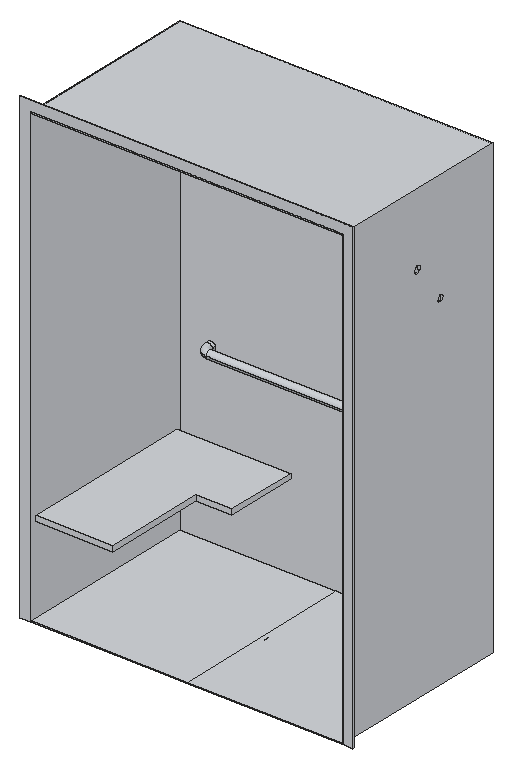
Revit family "Shower_Cabinet-Willoughby-US-3660-HC-R", category Plumbing Fixtures, Revit 2015
Parameters
  URL = "https://www.willoughby-ind.com/wp-content/uploads/2018/01/US-3660-ROLL-IN.pdf"
  Revision = "A"
  Model = "US/KS-3660-HC"
  Manufacturer = "Willoughby Industries"
  Description = "US 36\" X 60\" Handicap Roll-In Cabinet Shower, Right shower heads"
  Contact Info = "(800) 428-4065"
Reference planes (in)
  plane 1 "Center (Front/Back)": y = 0
  plane 2: z = 0
  plane 3 "Center (Left/Right)": x = 0
Forms (in)
  Extrusion 1, solid
    sketch origin (0, 0, 0) x (1, 0, 0) y (0, 0, 1)
      loop
        line (152.875, 0) -> (213, 0) -> (213, 88) -> (152.875, 88) -> (152.875, 0)
    from 0 to 36
  Extrusion 2, void
    sketch origin (0, 0, 0) x (1, 0, 0) y (0, 0, 1)
      loop
        line (182.9375, 0.12) -> (212.9375, 0.12) -> (212.9375, 87.925) -> (152.9375, 87.925) -> (152.9375, 0.12) -> (182.9375, 0.12)
    from 0.07422 to 37
  Sweep 3, solid
    path origin (-9.0625, -18.07422, 34) x (1, 0, 0) y (0, 1, 0)
      loop
        line (198, 18) -> (198, 17.25)
        arc (198, 17.25) -> (197.56066, 16.18934) -> (196.5, 15.75) r 1.5
        line (196.5, 15.75) -> (169.5, 15.75)
        arc (169.5, 15.75) -> (168.43934, 16.18934) -> (168, 17.25) r 1.5
        line (168, 17.25) -> (168, 18)
    profile origin (188.9375, -0.07422, 34) x (1, 0, 0) y (0, 0, 1)
      loop
        circle (0, 0) r 0.75
  Extrusion 4, solid
    sketch origin (0, -35.92578, 0) x (1, 0, 0) y (0, 0, 1)
      loop
        line (152.875, 0) -> (152.875, 88) -> (213, 88) -> (213, 0) -> (215, 0) -> (215, 90) -> (150.875, 90) -> (150.875, 0) -> (152.875, 0)
    from 0 to 0.07422
  Extrusion 5, solid
    sketch origin (0, 0, 0) x (1, 0, 0) y (0, 1, 0)
      loop
        circle (182.9375, -18.07422) r 1
    from 0 to -5
  Sweep 6, solid
    path origin (352.19008, 18.61488, 34) x (-1, 0, 0) y (0, -1, 0)
      loop
        line (139.25258, 25.4391) -> (140.00258, 25.4391)
        arc (140.00258, 25.4391) -> (141.06324, 25.87844) -> (141.50258, 26.9391) r 1.5
        line (141.50258, 26.9391) -> (141.50258, 47.9391)
        arc (141.50258, 47.9391) -> (141.06324, 48.99976) -> (140.00258, 49.4391) r 1.5
        line (140.00258, 49.4391) -> (139.25258, 49.4391)
    profile origin (212.9375, -6.82422, 34) x (0, -1, 0) y (0, 0, 1)
      loop
        circle (0, 0) r 0.75
  Sweep 7, solid
    path origin (365.875, 0, 0) x (-1, 0, 0) y (0, 0, 1)
      loop
        line (152.9375, 39) -> (153.6875, 39)
        arc (153.6875, 39) -> (154.74816, 39.43934) -> (155.1875, 40.5) r 1.5
        line (155.1875, 40.5) -> (155.1875, 61.5)
        arc (155.1875, 61.5) -> (154.74816, 62.56066) -> (153.6875, 63) r 1.5
        line (153.6875, 63) -> (152.9375, 63)
    profile origin (212.9375, 0, 39) x (0, 0, -1) y (0, -1, 0)
      loop
        circle (0, 32) r 0.75
  Revolve 8, solid
    sketch origin (212.9375, -12.575, -17.55162) x (1, 0, 0) y (0, 0, -1)
      loop
        line (0.0625, -84.30162) -> (-1.66022, -84.30162)
        arc (-1.66022, -84.30162) -> (-1.4962, -84.6976) -> (-1.10022, -84.86162) r 0.56
        line (-1.10022, -84.86162) -> (0.0625, -84.86162) -> (0.0625, -84.30162)
      axis (0.0625, -84.30162) -> (-1.66022, -84.30162)
    angle from 0 to 360
  Revolve 9, solid
    sketch origin (365.875, -18, 0) x (-1, 0, 0) y (0, 0, -1)
      loop
        line (152.875, -74.125) -> (152.875, -74.875) -> (153.1875, -74.875) -> (154.2775, -74.76)
        arc (154.2775, -74.76) -> (154.68119, -74.55158) -> (154.8375, -74.125) r 0.62579
        line (154.8375, -74.125) -> (152.875, -74.125)
      axis (152.875, -74.125) -> (154.8375, -74.125)
    angle from 0 to 360
  Extrusion 10, solid
    sketch origin (365.875, 0, 0) x (-1, 0, 0) y (0, -1, 0)
      loop
        line (212.9375, 35.03711) -> (197.9375, 35.03711) -> (197.9375, 15.03711) -> (190.9375, 15.03711) -> (190.9375, 1.03711) -> (212.9375, 1.03711) -> (212.9375, 35.03711)
    from 17 to 18
Cuts and joins
  Extrusion 2 cuts Extrusion 1
Dimensions and locks (in)
  aligned and locked: level to plane 2
  aligned and locked: Revolve 8 sketch curve to Revolve 8 sketch curve
Connectors (in)
  piping at (182.9375, -18.07422, -5), diameter 2
    settings: on Extrusion 5, index 2, connector inside diameter 24", connector length 0' - 0", flow factor 0, pipe flow 0 GPM, pressure drop 0.00 psi, fitting loss kfactor 0, connector angle 0.00°, fixture units 0, engagement length 0' - 0", angle of deflection 0.00°, flow configuration 0, flow direction 0, fitting loss method 0, system type 16, joint type 0, gender type 0, connector reference index -1, connector utility 0, adjustable connector no, is connector primary yes, connector description ""
  piping at (213, -18, 74.125), diameter 0.375
    settings: on Revolve 9, index 3, connector inside diameter 24", connector length 0' - 0", flow factor 0, pipe flow 0 GPM, pressure drop 0.00 psi, fitting loss kfactor 0, connector angle 0.00°, fixture units 0, engagement length 0' - 0", angle of deflection 0.00°, flow configuration 0, flow direction 0, fitting loss method 0, system type 19, joint type 0, gender type 0, connector reference index -1, connector utility 0, adjustable connector no, is connector primary no, connector description ""
